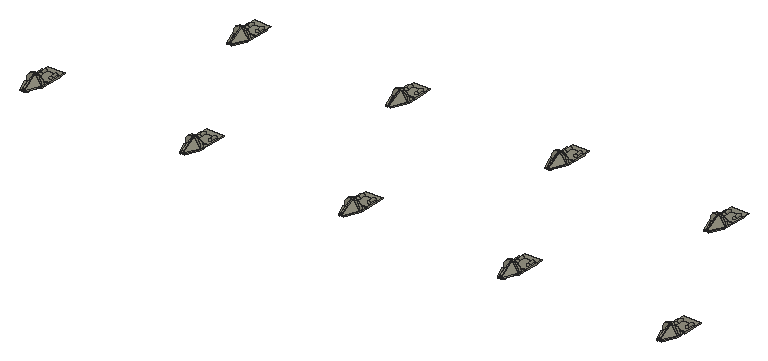
Revit family "Construction_Roof-Accessories_Alpine-SnowGuards_PD30Z", category Specialty Equipment, host Face, Revit 2019
Family settings
  Host = Face
  Round Connector Dimension = Use Diameter
  Part Type = Normal
  OmniClass Number = 23.35.20.31.27.14
  OmniClass Title = Snow Guards
  Cut with Voids When Loaded = No
  Shared = No
  Room Calculation Point = No
Parameters (values of type "2x2 Pattern – Two Row")
  z_Option3 = Row Options : Three Rows
  z_Option2 = Row Options : Two Rows
  z_Option1 = Row Options : One Row
  Z_Vertical Spacing = if(Vertical Spacing = 0", 12", Vertical Spacing)  # 24"
  Z_Three Rows [instance] = and((Length > 2 * Z_Horizontal Spacing), Number of Rows = z_Option3)  # no
  Z_Three Row Second Pad [instance] = and(not(or(Z_Three Rows, Z_Two Rows, Z_Custom Row, Number of Rows = z_Option2, Z_CR)), Z_Length > Z_Horizontal Spacing)  # no
  Z_Three Row First Pad [instance] = not(or(Z_Three Rows, Z_Two Rows, Z_Custom Row, Number of Rows = z_Option2, Z_CR))  # no
  Z_Second Row Number [instance] = Z_Number of Pads Control - 1  # 4
  Z_Two Row First Pad [instance] = and(not(or(Z_Three Rows, Z_Two Rows, Z_Custom Row, Z_CR)), or(Z_Length = Z_Horizontal Spacing / 2, Z_Length > Z_Horizontal Spacing / 2))  # no
  Z_Second Row [instance] = Z_Horizontal Spacing / 2  # 12"
  Z_Length [instance] = if(Length < Z_Horizontal Spacing / 2, Z_Horizontal Spacing / 2, Length)  # 100"
  Z_Horizontal Spacing = if(Horizontal Spacing = 0", 24", Horizontal Spacing)  # 24"
  Z_Distance between Pads [instance] = Length / (Z_Number of Pads Control - 1)  # 25"
  Z_Custom Row Second Pad [instance] = and(not(or(Z_Three Rows, Z_Two Rows, Z_Custom Row)), Z_Length > Z_Horizontal Spacing)  # no
  Z_Custom Row First Pad [instance] = not(or(Z_Three Rows, Z_Two Rows))  # no
  Z_Custom Row [instance] = and((Length > 2 * Z_Horizontal Spacing), or(Number of Rows = z_Option1, Number of Rows = z_Option2, Number of Rows = z_Option3))  # yes
  Z_CR = no
  Vertical Spacing = 24"
  URL = "https://www.alpinesnowguards.com/model/pd30z?utm_source=bimobject&utm_medium=productlisting&utm_campaign=2022marketing"
  Z_Two Rows [instance] = and((Length > 2 * Z_Horizontal Spacing), or(Number of Rows = z_Option2, Number of Rows = z_Option3))  # yes
  Surface Offset [instance] = 0"
  Standard Layouts [instance] = "Standard layouts are shown. Custom layouts are available, please contact Alpine Snow Guard to discuss."  # constant formula
  Snow Guard Count [instance] = if(and(Number of Rows = z_Option1, and(Length > 24", Length < 49")), 2, if(and(Number of Rows = z_Option1, or(Length = 0", Length < 25")), 1, if(and(Number of Rows = z_Option2, or(Length = 0", Length < 25")), 2, if(and(Number of Rows = z_Option3, and(Length > 24", Length < 49")), 5, if(Z_Three Rows, 2 * Z_Number of Pads Control + Z_Second Row Number, if(Z_Two Rows, Z_Number of Pads Control + Z_Second Row Number, Z_Number of Pads Control))))))  # 9
  Product data url = "https://www.bimobject.com/en-us/alpine-snowguards/product/pd30z_half_round_pad_style_snow_guard"
  Product Material = Alpine SnowGuards - Aluminium - Mill Finish
  Product Guid = "c1e53de5-65ef-4073-b97a-1a207ad00a76"
  Z_Number of Pads Control [instance] = if((Z_Length / Z_Horizontal Spacing + 1) < 3, 3, rounddown(Z_Length / Z_Horizontal Spacing + 1))  # 5
  Number of Rows = Row Options : Two Rows
  Length Note [instance] = "To show a single SnowGuard in the Row, please set Length to 0"  # constant formula
  Model = if(PD 300FZ, "PD 300FZ", "PD 30Z")  # "PD 30Z"
  Manufacturer = "Alpine SnowGuards"  # constant formula
  PD 300FZ = no
  Length [instance] = 100"
  Keynote = "07720"
  IMPORTANT [instance] = "All layouts begin with a 3-row pattern."  # constant formula
  Horizontal Spacing = 24"
  Edition number = 1
  Description = "PD30Z Half Round Pad Style Snow Guard"  # constant formula
  Default Elevation = 48"
  Assembly Code = "B3010"
Types (6): name | Z_Vertical Spacing | Z_Three Rows | Z_Second Row Number | Z_Second Row | Z_Horizontal Spacing | Z_Distance between Pads | Z_Custom Row First Pad | Z_CR | Vertical Spacing | Z_Two Rows | Snow Guard Count | Z_Number of Pads Control | Number of Rows | Horizontal Spacing
  (no name) | 24" | no | 4 | 12" | 24" | 25" | no | no | 24" | yes | 9 | 5 | Row Options : Two Rows | 24"
  3-Row Pattern | 12" | yes | 4 | 12" | 24" | 25" | no | no | 12" | yes | 14 | 5 | Row Options : Three Rows | 24"
  2x4 Pattern – Two Row | 24" | no | 2 | 24" | 48" | 50" | no | no | 24" | yes | 5 | 3 | Row Options : Two Rows | 48"
  2x3 Pattern – Two Row | 24" | no | 2 | 18" | 36" | 50" | no | no | 24" | yes | 5 | 3 | Row Options : Two Rows | 36"
  2x2 Pattern – Two Row | 24" | no | 4 | 12" | 24" | 25" | no | no | 24" | yes | 9 | 5 | Row Options : Two Rows | 24"
  Custom – Single Row | 12" | no | 4 | 12" | 24" | 25" | yes | yes | 0" | no | 5 | 5 | Row Options : One Row | 24"
Reference planes (in)
  plane 1 "Center (Front/Back)": y = 0
  plane 2: z = 0
  plane 3 "Center (Left/Right)": x = 0
  plane 4: x = 100
  plane 5: y = 24
  plane 6: y = 48
  plane 7: x = 12
  plane 8: x = 24
  plane 9: x = 36
Dimensions and locks (in)
  "Z_Length": plane 3 "Center (Left/Right)" to plane 4
  "Z_Vertical Spacing": plane 1 "Center (Front/Back)" to plane 5
  "Z_Vertical Spacing": plane 6 to plane 5
  "Z_Horizontal Spacing": plane 3 "Center (Left/Right)" to plane 8
  equal spacing: group 1, group 2, group 3, group 9, group 10  (x3)
  equal spacing: group 4, group 5, group 6, group 11, group 12  (x3)
  "Z_Horizontal Spacing": plane 7 to plane 9
  equal spacing: group 7, group 8, group 13, group 14  (x3)
  equal spacing: plane 3 "Center (Left/Right)", plane 7, plane 8
  aligned and locked: host face to plane 2
  aligned and locked: host face to level
  aligned and locked: plane 1 "Center (Front/Back)" to nested 1
  aligned and locked: plane 3 "Center (Left/Right)" to nested 1
  aligned and locked: plane 7 to nested 2
  aligned and locked: nested 2 to plane 5
  aligned and locked: plane 3 "Center (Left/Right)" to nested 3
  aligned and locked: nested 3 to plane 6
  aligned and locked: plane 8 to nested 4
  aligned and locked: plane 8 to nested 6
  aligned and locked: plane 9 to nested 8
  aligned and locked: nested 6 to plane 6
  aligned and locked: nested 8 to plane 5
  aligned and locked: plane 1 "Center (Front/Back)" to nested 9
  aligned and locked: plane 1 "Center (Front/Back)" to nested 10
  aligned and locked: nested 11 to plane 5
  aligned and locked: nested 12 to plane 6
  aligned and locked: nested 13 to plane 6
  aligned and locked: plane 3 "Center (Left/Right)" to nested 9
  aligned and locked: plane 7 to nested 11
  aligned and locked: plane 8 to nested 10
  aligned and locked: plane 3 "Center (Left/Right)" to nested 12
  aligned and locked: plane 8 to nested 13
Automatic sketch dimensions
  host sketch curve to host sketch curve = 167.34463"
  host sketch curve to host sketch curve = 121.14631"
Nested families (in)
  nested 1: "Construction_Roof-Accessories_Alpine-SnowGuards_Pad-PD30Z" at (0, 0, 0), Product Material <- "Product Material", F <- "PD 300FZ", visible <- "Z_Custom Row", Surface Offset <- "Surface Offset", type "Construction_Roof-Accessories_Alpine-SnowGuards_Pad-PD30Z"
    with Surface Offset 0", Product Material Alpine SnowGuards - Aluminium - Mill Finish, F no
  nested 2: "Construction_Roof-Accessories_Alpine-SnowGuards_Pad-PD30Z" at (12, 24, 0), Product Material <- "Product Material", F <- "PD 300FZ", visible <- "Z_Two Rows", Surface Offset <- "Surface Offset", type "Construction_Roof-Accessories_Alpine-SnowGuards_Pad-PD30Z"
    with Surface Offset 0", Product Material Alpine SnowGuards - Aluminium - Mill Finish, F no
  nested 3: "Construction_Roof-Accessories_Alpine-SnowGuards_Pad-PD30Z" at (0, 48, 0), Product Material <- "Product Material", F <- "PD 300FZ", visible <- "Z_Three Rows", Surface Offset <- "Surface Offset", type "Construction_Roof-Accessories_Alpine-SnowGuards_Pad-PD30Z"
    with Surface Offset 0", Product Material Alpine SnowGuards - Aluminium - Mill Finish, F no
  nested 4: "Construction_Roof-Accessories_Alpine-SnowGuards_Pad-PD30Z" at (24, 0, 0), Product Material <- "Product Material", F <- "PD 300FZ", visible <- "Z_Custom Row", Surface Offset <- "Surface Offset", type "Construction_Roof-Accessories_Alpine-SnowGuards_Pad-PD30Z"
    with Surface Offset 0", Product Material Alpine SnowGuards - Aluminium - Mill Finish, F no
  nested 5: "Construction_Roof-Accessories_Alpine-SnowGuards_Pad-PD30Z" at (48, 0, 0), Product Material <- "Product Material", F <- "PD 300FZ", visible <- "Z_Custom Row", Surface Offset <- "Surface Offset", type "Construction_Roof-Accessories_Alpine-SnowGuards_Pad-PD30Z"
    with Surface Offset 0", Product Material Alpine SnowGuards - Aluminium - Mill Finish, F no
  nested 6: "Construction_Roof-Accessories_Alpine-SnowGuards_Pad-PD30Z" at (24, 48, 0), Product Material <- "Product Material", F <- "PD 300FZ", visible <- "Z_Three Rows", Surface Offset <- "Surface Offset", type "Construction_Roof-Accessories_Alpine-SnowGuards_Pad-PD30Z"
    with Surface Offset 0", Product Material Alpine SnowGuards - Aluminium - Mill Finish, F no
  nested 7: "Construction_Roof-Accessories_Alpine-SnowGuards_Pad-PD30Z" at (48, 48, 0), Product Material <- "Product Material", F <- "PD 300FZ", visible <- "Z_Three Rows", Surface Offset <- "Surface Offset", type "Construction_Roof-Accessories_Alpine-SnowGuards_Pad-PD30Z"
    with Surface Offset 0", Product Material Alpine SnowGuards - Aluminium - Mill Finish, F no
  nested 8: "Construction_Roof-Accessories_Alpine-SnowGuards_Pad-PD30Z" at (36, 24, 0), Product Material <- "Product Material", F <- "PD 300FZ", visible <- "Z_Two Rows", Surface Offset <- "Surface Offset", type "Construction_Roof-Accessories_Alpine-SnowGuards_Pad-PD30Z"
    with Surface Offset 0", Product Material Alpine SnowGuards - Aluminium - Mill Finish, F no
  nested 9: "Construction_Roof-Accessories_Alpine-SnowGuards_Pad-PD30Z" at (0, 0, 0), F <- "PD 300FZ", Product Material <- "Product Material", visible <- "Z_Custom Row First Pad", Surface Offset <- "Surface Offset", type "Construction_Roof-Accessories_Alpine-SnowGuards_Pad-PD30Z"
    with Surface Offset 0", Product Material Alpine SnowGuards - Aluminium - Mill Finish, F no
  nested 10: "Construction_Roof-Accessories_Alpine-SnowGuards_Pad-PD30Z" at (24, 0, 0), F <- "PD 300FZ", Product Material <- "Product Material", visible <- "Z_Custom Row Second Pad", Surface Offset <- "Surface Offset", type "Construction_Roof-Accessories_Alpine-SnowGuards_Pad-PD30Z"
    with Surface Offset 0", Product Material Alpine SnowGuards - Aluminium - Mill Finish, F no
  nested 11: "Construction_Roof-Accessories_Alpine-SnowGuards_Pad-PD30Z" at (12, 24, 0), Product Material <- "Product Material", F <- "PD 300FZ", visible <- "Z_Two Row First Pad", Surface Offset <- "Surface Offset", type "Construction_Roof-Accessories_Alpine-SnowGuards_Pad-PD30Z"
    with Surface Offset 0", Product Material Alpine SnowGuards - Aluminium - Mill Finish, F no
  nested 12: "Construction_Roof-Accessories_Alpine-SnowGuards_Pad-PD30Z" at (0, 48, 0), Product Material <- "Product Material", F <- "PD 300FZ", visible <- "Z_Three Row First Pad", Surface Offset <- "Surface Offset", type "Construction_Roof-Accessories_Alpine-SnowGuards_Pad-PD30Z"
    with Surface Offset 0", Product Material Alpine SnowGuards - Aluminium - Mill Finish, F no
  nested 13: "Construction_Roof-Accessories_Alpine-SnowGuards_Pad-PD30Z" at (24, 48, 0), Product Material <- "Product Material", F <- "PD 300FZ", visible <- "Z_Three Row Second Pad", Surface Offset <- "Surface Offset", type "Construction_Roof-Accessories_Alpine-SnowGuards_Pad-PD30Z"
    with Surface Offset 0", Product Material Alpine SnowGuards - Aluminium - Mill Finish, F no
  nested 14: "Construction_Roof-Accessories_Alpine-SnowGuards_Pad-PD30Z" at (72, 0, 0), Product Material <- "Product Material", F <- "PD 300FZ", visible <- "Z_Custom Row", Surface Offset <- "Surface Offset", type "Construction_Roof-Accessories_Alpine-SnowGuards_Pad-PD30Z"
    with Surface Offset 0", Product Material Alpine SnowGuards - Aluminium - Mill Finish, F no
  nested 15: "Construction_Roof-Accessories_Alpine-SnowGuards_Pad-PD30Z" at (96, 0, 0), Product Material <- "Product Material", F <- "PD 300FZ", visible <- "Z_Custom Row", Surface Offset <- "Surface Offset", type "Construction_Roof-Accessories_Alpine-SnowGuards_Pad-PD30Z"
    with Surface Offset 0", Product Material Alpine SnowGuards - Aluminium - Mill Finish, F no
  nested 16: "Construction_Roof-Accessories_Alpine-SnowGuards_Pad-PD30Z" at (72, 48, 0), Product Material <- "Product Material", F <- "PD 300FZ", visible <- "Z_Three Rows", Surface Offset <- "Surface Offset", type "Construction_Roof-Accessories_Alpine-SnowGuards_Pad-PD30Z"
    with Surface Offset 0", Product Material Alpine SnowGuards - Aluminium - Mill Finish, F no
  nested 17: "Construction_Roof-Accessories_Alpine-SnowGuards_Pad-PD30Z" at (96, 48, 0), Product Material <- "Product Material", F <- "PD 300FZ", visible <- "Z_Three Rows", Surface Offset <- "Surface Offset", type "Construction_Roof-Accessories_Alpine-SnowGuards_Pad-PD30Z"
    with Surface Offset 0", Product Material Alpine SnowGuards - Aluminium - Mill Finish, F no
  nested 18: "Construction_Roof-Accessories_Alpine-SnowGuards_Pad-PD30Z" at (60, 24, 0), Product Material <- "Product Material", F <- "PD 300FZ", visible <- "Z_Two Rows", Surface Offset <- "Surface Offset", type "Construction_Roof-Accessories_Alpine-SnowGuards_Pad-PD30Z"
    with Surface Offset 0", Product Material Alpine SnowGuards - Aluminium - Mill Finish, F no
  nested 19: "Construction_Roof-Accessories_Alpine-SnowGuards_Pad-PD30Z" at (84, 24, 0), Product Material <- "Product Material", F <- "PD 300FZ", visible <- "Z_Two Rows", Surface Offset <- "Surface Offset", type "Construction_Roof-Accessories_Alpine-SnowGuards_Pad-PD30Z"
    with Surface Offset 0", Product Material Alpine SnowGuards - Aluminium - Mill Finish, F no
Definition of nested family "Construction_Roof-Accessories_Alpine-SnowGuards_Pad-PD30Z"
  Parameters (values of type "Construction_Roof-Accessories_Alpine-SnowGuards_Pad-PD30")
    Surface Offset [instance] = 0"
    Product Material [instance] = none
    F [instance] = yes
  Reference planes (in)
    plane 1 "Center (Front/Back)": y = 0
    plane 2: z = 0
    plane 3 "Center (Left/Right)": x = 0
    plane 4: y = -2.375
    plane 5: z = 1.5
    plane 6: x = -1.25
    plane 7: x = 1.25
    plane 8: z = 2.6875
    plane 9: y = 3.9375
    plane 10: z = 0.10624
    plane 11: z = 0
    plane 12: z = 0.1875
  Forms (in)
    Extrusion 1, solid, material <- "Product Material", detail levels fine
      sketch origin (0, 0, 0.03424) x (1, 0, 0) y (0, 0, 1)
        loop
          line (1.25, -0.03424) -> (1.25, 0.2105)
          arc (1.25, 0.2105) -> (0, 1.4605) -> (-1.25, 0.2105) r 1.25
          line (-1.25, 0.2105) -> (-1.25, -0.03424) -> (1.25, -0.03424)
      from 0 to 0.1978
    Sweep 2, solid, material <- "Product Material", detail levels fine
      path origin (1.2331, 0.04673, 0.03865) x (0.999641, 0.026785, -0.001071) y (-0.026787, 0.99964, -0.001779)
        loop
          line (-2.05752, 0.18662) -> (-1.07653, -2.30301)
      profile origin (-0.30501, -1.05306, 0.04221) x (0.920225, 0.391387, -0.001649) y (0.001023, 0.001807, 0.999998)
        loop
          line (-0.41438, -0.03769) -> (-0.37639, -0.03494) -> (0.58935, 1.35985) -> (0.55134, 1.35706) -> (-0.41438, -0.03769)
    Extrusion 3, void
      sketch origin (0, 0, 0.03424) x (0, 1, 0) y (0, 0, 1)
        loop
          line (-0.15101, 1.42347) -> (-0.15101, 1.59635) -> (-2.55379, 1.59635) -> (-2.55379, -0.1778) -> (0.46654, -0.1778) -> (0.46654, 1.37647) -> (-0.1978, 1.37647) -> (-0.1978, 0.072) -> (-2.40838, 0.072) -> (-0.15101, 1.42347)
      from -2.2317 to 1.92901
    Sweep 4, solid, material <- "Product Material", detail levels fine
      path origin (-1.2331, 0.04673, 0.03865) x (-0.999641, 0.026785, -0.001071) y (-0.026787, -0.99964, 0.001779)
        loop
          line (-2.05752, -0.18662) -> (-1.07653, 2.30301)
      profile origin (0.30501, -1.05306, 0.04221) x (0.920225, -0.391387, 0.001649) y (-0.001023, 0.001807, 0.999998)
        loop
          line (0.41438, -0.03769) -> (-0.55134, 1.35706) -> (-0.58935, 1.35985) -> (0.37639, -0.03494) -> (0.41438, -0.03769)
    Extrusion 5, solid, material <- "Product Material", detail levels fine
      sketch origin (0, -0.23657, 1.40648) x (0, -0.857988, -0.51367) y (1, 0, 0)
        loop
          line (2.53128, -0.10391) -> (2.53128, 0.10391) -> (-0.04787, 0.04282) -> (-0.04787, -0.04282) -> (2.53128, -0.10391)
      from 0 to 0.02578
    Sweep 6, void
      path origin (0, 0, 0.03424) x (1, 0, 0) y (0, 0, 1)
        loop
          line (-1.26245, -0.03424) -> (-1.26245, 0.2105)
          arc (-1.26245, 0.2105) -> (0, 1.47295) -> (1.26245, 0.2105) r 1.26245
          line (1.26245, 0.2105) -> (1.26245, -0.03424)
      profile origin (-1.26245, 0, 0.12237) x (-1, 0, 0) y (0, -1, 0)
        loop
          line (-0.00526, -0.02577) -> (-0.00526, 0.1978) -> (-0.06762, 0.1978) -> (-0.00526, -0.02577)
    Extrusion 7, void
      sketch origin (0, 0, 0) x (0, 1, 0) y (0, 0, 1)
        loop
          line (-2.375, 0.26156) -> (-2.625, 0.26156) -> (-2.625, -0.08571) -> (-2.375, -0.08571) -> (-2.375, 0.26156)
      from -0.20134 to 0.28095
    Extrusion 8, solid, material <- "Product Material", detail levels fine
      sketch origin (0, 0, 0) x (1, 0, 0) y (0, 1, 0)
        loop
          line (-1.20009, -0.1978) -> (-1.20009, -0.44408) -> (-0.38047, -2.375) -> (-0.11807, -2.375) -> (-1.04182, -0.1978) -> (-1.20009, -0.1978)
        loop
          line (1.20009, -0.1978) -> (1.04182, -0.1978) -> (0.11807, -2.375) -> (0.38047, -2.375) -> (1.20009, -0.44408) -> (1.20009, -0.1978)
      from 0 to 0.10624
    Extrusion 9, solid, material <- "Product Material", detail levels coarse+medium
      sketch origin (0, 0, 0) x (1, 0, 0) y (0, 0, 1)
        loop
          line (-1.25, 0) -> (1.25, 0) -> (1.25, 0.24474)
          arc (1.25, 0.24474) -> (0, 1.49474) -> (-1.25, 0.24474) r 1.25
          line (-1.25, 0.24474) -> (-1.25, 0)
      from 0 to 2.375
    Extrusion 10, solid, material <- "Product Material", visible <- "F", detail levels fine
      sketch origin (0, 0, 0) x (1, 0, 0) y (0, 0, 1)
        loop
          arc (-1.24367, 0.11913) -> (0, 1.49474) -> (1.24367, 0.11913) r 1.25
          line (1.24367, 0.11913) -> (1.49571, 0.11913) -> (1.49571, 0.24095)
          arc (1.49571, 0.24095) -> (1.65445, 0.44682) -> (1.89391, 0.34565) r 0.21286
          arc (1.89391, 0.34565) -> (1.9182, 0.33046) -> (1.94415, 0.34257) r 0.03
          arc (1.94415, 0.34257) -> (2.09853, 0.65809) -> (2.13082, 1.00787) r 0.97307
          arc (2.13082, 1.00787) -> (1.56654, 1.72665) -> (0.65273, 1.72878) r 1.04729
          arc (0.65273, 1.72878) -> (0.66656, 2.06986) -> (0.4432, 2.32801) r 0.46375
          arc (0.4432, 2.32801) -> (0.22443, 2.50806) -> (0.02246, 2.70678) r 3.19618
          arc (0.02246, 2.70678) -> (0.00781, 2.71316) -> (-0.00683, 2.70678) r 0.02
          arc (-0.00683, 2.70678) -> (-0.20217, 2.51405) -> (-0.41331, 2.33878) r 3.19618
          arc (-0.41331, 2.33878) -> (-0.65454, 2.0814) -> (-0.64492, 1.72878) r 0.46375
          arc (-0.64492, 1.72878) -> (-1.55873, 1.72665) -> (-2.123, 1.00787) r 1.04729
          arc (-2.123, 1.00787) -> (-2.09072, 0.65809) -> (-1.93634, 0.34257) r 0.97307
          arc (-1.93634, 0.34257) -> (-1.91039, 0.33046) -> (-1.8861, 0.34565) r 0.03
          arc (-1.8861, 0.34565) -> (-1.64664, 0.44682) -> (-1.4879, 0.24095) r 0.21286
          line (-1.4879, 0.24095) -> (-1.4879, 0.11913) -> (-1.24367, 0.11913)
      from 0 to -0.01759
    Extrusion 11, solid, material <- "Product Material", visible <- "F", detail levels coarse+medium
      sketch origin (0, 0, 0) x (1, 0, 0) y (0, 0, 1)
        loop
          line (-2.123, 0.11913) -> (2.13082, 0.11913) -> (2.13082, 0.5916)
          arc (2.13082, 0.5916) -> (0.00391, 2.7185) -> (-2.123, 0.5916) r 2.12691
          line (-2.123, 0.5916) -> (-2.123, 0.11913)
      from 0 to -0.01759
    Extrusion 12, solid, material <- "Product Material"
      sketch origin (0, 0, 0) x (1, 0, 0) y (0, 1, 0)
        loop
          line (-1.25, 3.9375) -> (-1.25, 0) -> (1.25, 0) -> (1.25, 3.9375) -> (-1.25, 3.9375)
      from 0 to 0.10624
    Sweep 13, solid, material <- "Product Material"
      path origin (0, 0, 0) x (1, 0, 0) y (0, 0, 1)
        loop
          line (-1.25, 0) -> (-1.25, 0.10624) -> (1.25, 0.10624) -> (1.25, 0)
      profile origin (0, 0, 0.10624) x (0, 0, 1) y (0, -1, 0)
        loop
          line (0, -2.94361) -> (0.08126, -2.94361) -> (0.08126, -0.94361) -> (0, -0.94361) -> (0, -2.94361)
    Revolve 14, solid, material <- "Product Material", detail levels medium+fine
      sketch origin (0, 0.94361, 0.1875) x (-1, 0, 0) y (0, -1, 0)
        loop
          line (0.96723, -2) -> (0.96723, -1)
          arc (0.96723, -1) -> (0.91231, -0.86742) -> (0.77973, -0.8125) r 0.1875
          line (0.77973, -0.8125) -> (0.77973, -2) -> (0.96723, -2)
        axis (0.77973, -2) -> (0.77973, -0.8125)
      angle from 360 to 180
    Revolve 15, solid, material <- "Product Material", detail levels medium+fine
      sketch origin (0, 0.94361, 0.1875) x (-1, 0, 0) y (0, -1, 0)
        loop
          line (-0.96723, -2) -> (-0.77973, -2) -> (-0.77973, -0.8125)
          arc (-0.77973, -0.8125) -> (-0.91231, -0.86742) -> (-0.96723, -1) r 0.1875
          line (-0.96723, -1) -> (-0.96723, -2)
        axis (-0.77973, -2) -> (-0.77973, -0.8125)
      angle from 360 to 180
  Cuts and joins
    Extrusion 3, Extrusion 7 cuts Sweep 2
    Extrusion 3, Extrusion 7 cuts Sweep 4
    Extrusion 7 cuts Extrusion 5
    Sweep 6 cuts Extrusion 1
  Dimensions and locks (in)
    locked: plane 4 to plane 1 "Center (Front/Back)" at 2.375
    locked: plane 5 to plane 2 at 1.5
    plane 7 to plane 6 = 2 1/2"
    equal spacing: plane 6, plane 3 "Center (Left/Right)", plane 7
    locked: plane 6 to plane 7 at 2.5
    locked: plane 8 to level at 2.6875
    locked: plane 9 to plane 1 "Center (Front/Back)" at 3.9375
    Sweep 13 sketch curve to Sweep 13 sketch curve = 2"
    locked: plane 11 to plane 10 at 0.10624
    "Surface Offset": level to plane 11
    plane 10 to Sweep 13 sketch curve to Sweep 13 sketch curve = 0.10624" locked, 0" locked
    locked: plane 10 to Sweep 13 sketch curve at 0.08126
    locked: plane 10 to plane 12 at 0.08126
    aligned and locked: level to plane 2
    aligned and locked: Extrusion 12 sketch curve to plane 1 "Center (Front/Back)"
    aligned and locked: plane 7 to Extrusion 12 sketch curve
    aligned and locked: plane 6 to Extrusion 12 sketch curve
    aligned and locked: plane 9 to Extrusion 12 sketch curve
    aligned and locked: plane 6 to Sweep 13 sketch curve
    aligned and locked: plane 7 to Sweep 13 sketch curve
    aligned and locked: Revolve 14 sketch curve to Revolve 14 sketch curve
    aligned and locked: Revolve 15 sketch curve to Revolve 15 sketch curve
    aligned and locked: plane 11 to Extrusion 12
    aligned and locked: Extrusion 12 to plane 10
    aligned and locked: plane 10 to Sweep 13 sketch curve  (x2)
  Automatic sketch dimensions
    Extrusion 1 sketch curve to level = 0"
    Extrusion 1 sketch curve to plane 6 = 0"
    Extrusion 1 sketch curve to plane 3 "Center (Left/Right)" = 0"
    level to Extrusion 1 sketch curve = 0.24474"
    Sweep 2 sketch curve to Sweep 2 sketch curve = 0.98099"
    Sweep 2 sketch curve to Sweep 2 sketch curve = 2.48963"
    Sweep 2 sketch curve to profile plane = 0.03769"
    profile plane to Sweep 2 sketch curve = 0.41438"
    Sweep 2 sketch curve to profile plane = 0.03494"
    Sweep 2 sketch curve to Sweep 2 sketch curve = 0.03799"
    Sweep 2 sketch curve to profile plane = 0.55134"
    Sweep 2 sketch curve to Sweep 2 sketch curve = 0.03801"
    profile plane to Sweep 2 sketch curve = 1.35706"
    Sweep 2 sketch curve to Sweep 2 sketch curve = 0.00279"
    Extrusion 3 sketch curve to plane 4 = 0.17879"
    Extrusion 3 sketch curve to plane 4 = 0.03338"
    Extrusion 3 sketch curve to plane 5 = 0.08929"
    plane 1 "Center (Front/Back)" to Extrusion 3 sketch curve = 0.1978"
    plane 1 "Center (Front/Back)" to Extrusion 3 sketch curve = 0.15101"
    Extrusion 3 sketch curve to level = 0.14356"
    Extrusion 3 sketch curve to plane 1 "Center (Front/Back)" = 0.46654"
    level to Extrusion 3 sketch curve = 0.10624"
    Extrusion 3 sketch curve to plane 5 = 0.04229"
    plane 5 to Extrusion 3 sketch curve = 0.13059"
    Sweep 4 sketch curve to Sweep 4 sketch curve = 0.98099"
    Sweep 4 sketch curve to Sweep 4 sketch curve = 2.48963"
    profile plane to Sweep 4 sketch curve = 0.58935"
    Sweep 4 sketch curve to Sweep 4 sketch curve = 0.03801"
    Sweep 4 sketch curve to profile plane = 0.03494"
    Sweep 4 sketch curve to profile plane = 0.37639"
    Sweep 4 sketch curve to profile plane = 0.03769"
    Sweep 4 sketch curve to Sweep 4 sketch curve = 0.03799"
    profile plane to Sweep 4 sketch curve = 1.35706"
    Sweep 4 sketch curve to Sweep 4 sketch curve = 0.00279"
    Extrusion 5 sketch curve to plane 3 "Center (Left/Right)" = 0.04282"
    plane 3 "Center (Left/Right)" to Extrusion 5 sketch curve = 0.10391"
    Extrusion 5 sketch curve to Extrusion 5 sketch curve = 2.57915"
    Extrusion 5 sketch curve to plane 3 "Center (Left/Right)" = 0.10391"
    plane 3 "Center (Left/Right)" to Extrusion 5 sketch curve = 0.04282"
    Sweep 6 sketch curve to level = 0"  (x2)
    Sweep 6 sketch curve to plane 3 "Center (Left/Right)" = 0"
    Sweep 6 sketch curve to plane 6 = 0.01245"
    level to Sweep 6 sketch curve = 0.24474"
    profile plane to Sweep 6 sketch curve = 0.06762"
    profile plane to Sweep 6 sketch curve = 0.00526"
    Sweep 6 sketch curve to profile plane = 0.02577"
    profile plane to Sweep 6 sketch curve = 0.1978"
    Extrusion 7 sketch curve to plane 4 = 0"
    Extrusion 7 sketch curve to level = 0.08571"
    Extrusion 7 sketch curve to plane 4 = 1/4"
    level to Extrusion 7 sketch curve = 0.26156"
    Extrusion 8 sketch curve to plane 4 = 0"  (x2)
    plane 6 to Extrusion 8 sketch curve = 0.04991"
    Extrusion 8 sketch curve to Extrusion 8 sketch curve = 0.15827"
    Extrusion 8 sketch curve to plane 3 "Center (Left/Right)" = 0.38047"
    Extrusion 8 sketch curve to plane 3 "Center (Left/Right)" = 0.11807"
    plane 3 "Center (Left/Right)" to Extrusion 8 sketch curve = 0.11807"
    Extrusion 8 sketch curve to Extrusion 8 sketch curve = 0.2624"
    plane 7 to Extrusion 8 sketch curve = 0.20818"
    plane 7 to Extrusion 8 sketch curve = 0.04991"
    plane 1 "Center (Front/Back)" to Extrusion 8 sketch curve = 0.44408"  (x2)
    plane 1 "Center (Front/Back)" to Extrusion 8 sketch curve = 0.1978"  (x2)
    Extrusion 9 sketch curve to plane 6 = 0"
    Extrusion 9 sketch curve to plane 3 "Center (Left/Right)" = 0"
    Extrusion 9 sketch curve to level = 0"
    level to Extrusion 9 sketch curve = 0.24474"
    Extrusion 10 sketch curve to plane 3 "Center (Left/Right)" = 0"
    Extrusion 10 sketch curve to plane 3 "Center (Left/Right)" = 0.22099"
    plane 6 to Extrusion 10 sketch curve = 0.15038"
    plane 6 to Extrusion 10 sketch curve = 0.09618"
    plane 6 to Extrusion 10 sketch curve = 0.00633"
    level to Extrusion 10 sketch curve = 0.11913"
    Extrusion 10 sketch curve to plane 6 = 0.2379"
    Extrusion 10 sketch curve to Extrusion 10 sketch curve = 0.21286"  (x2)
    Extrusion 10 sketch curve to Extrusion 10 sketch curve = 0.21146"  (x2)
    Extrusion 10 sketch curve to plane 6 = 1.09726"
    plane 3 "Center (Left/Right)" to Extrusion 10 sketch curve = 1/128"
    plane 3 "Center (Left/Right)" to Extrusion 10 sketch curve = 0.2288"
    plane 7 to Extrusion 10 sketch curve = 0.14256"
    plane 7 to Extrusion 10 sketch curve = 0.08836"
    plane 7 to Extrusion 10 sketch curve = 0.00633"
    Extrusion 10 sketch curve to plane 7 = 0.24571"
    Extrusion 10 sketch curve to plane 7 = 1.11289"
    Extrusion 10 sketch curve to Extrusion 10 sketch curve = 0.12183"  (x2)
    level to Extrusion 10 sketch curve = 0.24474"
    Extrusion 10 sketch curve to Extrusion 10 sketch curve = 0.11945"  (x2)
    Extrusion 10 sketch curve to Extrusion 10 sketch curve = 0.54439"  (x2)
    Extrusion 10 sketch curve to Extrusion 10 sketch curve = 0.13561"  (x2)
    plane 5 to Extrusion 10 sketch curve = 0.41679"  (x2)
    plane 8 to Extrusion 10 sketch curve = 0.00566"
    plane 8 to Extrusion 10 sketch curve = 2.19597"  (x2)
    Extrusion 10 sketch curve to plane 3 "Center (Left/Right)" = 0.00683"
    Extrusion 10 sketch curve to Extrusion 10 sketch curve = 0"  (x6)
    Extrusion 10 sketch curve to plane 8 = 0.34872"
    plane 5 to Extrusion 10 sketch curve = 0.22878"  (x2)
    Extrusion 10 sketch curve to plane 8 = 0.35949"
    level to Extrusion 11 sketch curve = 0.11913"
    Extrusion 11 sketch curve to plane 6 = 0.873"
    plane 3 "Center (Left/Right)" to Extrusion 11 sketch curve = 1/256"
    Extrusion 11 sketch curve to Extrusion 11 sketch curve = 0.47247"
    Sweep 13 sketch curve to plane 1 "Center (Front/Back)" = 2.94361"
    plane 6 to Revolve 14 sketch curve = 0.47027"
    Revolve 14 sketch curve to Revolve 14 sketch curve = 3/16"
    plane 9 to Revolve 14 sketch curve = 0.99389"
    Revolve 14 sketch curve to Revolve 14 sketch curve = 1"
    Revolve 14 sketch curve to Revolve 14 sketch curve = 0.18035"
    Revolve 14 sketch curve to Revolve 14 sketch curve = 0.12505"
    plane 7 to Revolve 15 sketch curve = 0.28277"
    Revolve 15 sketch curve to Revolve 15 sketch curve = 3/16"
    plane 9 to Revolve 15 sketch curve = 0.99389"
    Revolve 15 sketch curve to Revolve 15 sketch curve = 1"
    Revolve 15 sketch curve to Revolve 15 sketch curve = 0.18035"
    Revolve 15 sketch curve to Revolve 15 sketch curve = 0.12505"
